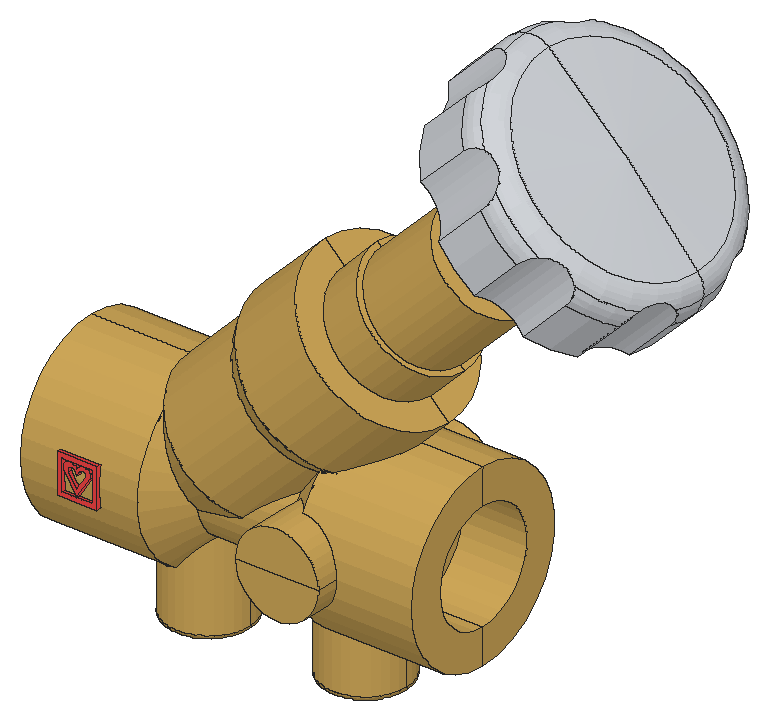
Revit family "Absperrventil 4125 AD", category Rohrzubehör, Revit 2019
Family settings
  Bemaßung runder Anschluss = Durchmesser verwenden
  Teiletyp = Unterbricht
  OmniClass-Nummer = 23.65.55.14
  OmniClass-Titel = Valves for Liquid Services
  Arbeitsebenenbasiert = Nein
  Immer vertikal = Ja
  Beim Laden mit Abzugskörper schneiden = Nein
  Gemeinsam genutzt = Nein
Parameters
  W01 = 45.00°  # constant formula
  URL = "www.herz-armaturen.at"
  Spindel = "Messing CW617N\r"  # constant formula
  SW01 = 60.00°  # constant formula
  SC_NennweiteBerechnet [instance] = 0
  SC_Dimension [instance] = ""
  SCRNSEQ = "ARM;ARM_TYP=\"ABSV\";2"
  SCRNCODE = "05;07;02"  # constant formula
  S03 = 60.000 mm  # constant formula
  S02 [instance] = L06 + L09 + L12 + L15  # 113.800 mm
  S01 [instance] = R01 * 2  # 41.000 mm
  R12 [instance] = R01 - 1.000 mm  # 19.500 mm
  R11 [instance] = size_lookup("4125AD_", "R11", 1.000 mm, Nennweite)  # 6.000 mm
  R100 = 1.000 mm  # constant formula
  R10 [instance] = size_lookup("4125AD_", "R10", 1.000 mm, Nennweite)  # 9.000 mm
  R09 [instance] = size_lookup("4125AD_", "R9", 1.000 mm, Nennweite)  # 12.750 mm
  R08 [instance] = size_lookup("4125AD_", "R8", 1.000 mm, Nennweite)  # 14.000 mm
  R07 [instance] = size_lookup("4125AD_", "R7", 1.000 mm, Nennweite)  # 20.000 mm
  R06 [instance] = size_lookup("4125AD_", "R6", 1.000 mm, Nennweite)  # 17.750 mm
  R05 [instance] = Nennweite / 2  # 12.500 mm
  R04 [instance] = size_lookup("4125AD_", "R4", 1.000 mm, Nennweite)  # 9.500 mm
  R03 = 9.500 mm  # constant formula
  R02 [instance] = Nennweite / 2  # 12.500 mm
  R01 [instance] = size_lookup("4125AD_", "R1", 1.000 mm, Nennweite)  # 20.500 mm
  Oberteil = "entzinkungsbeständiges Messing CW602N"  # constant formula
  Nennweite [instance] = 25.000 mm
  Medium = "Heizungswasser nach ÖNORM H5195 oder VDI- Richtlinie 2035.\r\nDie Verwendung von Ethylen- oder Propyleneglykol in einem Mischungsverhältnis 25- 50% ist zulässig.\r\nEPDM-Dichtungen können durch Mineralöle und Schmiermittel beeinflusst werden, was zum Versagen der EPDM-Dichtungen führen kann."
  Max.Differenzdruck bei geschlossenen Sitz = 1000000.0 Pa  # constant formula
  Max.Betriebstemperatur = 110 °C  # constant formula
  Max.Betriebsdruck = 2000000.0 Pa  # constant formula
  L16 [instance] = L01 / 2  # 13.500 mm
  L15 [instance] = size_lookup("4125AD_", "L15", 1.000 mm, Nennweite)  # 12.400 mm
  L14 [instance] = size_lookup("4125AD_", "L14", 1.000 mm, Nennweite)  # 12.000 mm
  L12 [instance] = size_lookup("4125AD_", "L12", 1.000 mm, Nennweite)  # 43.400 mm
  L11 [instance] = size_lookup("4125AD_", "L11", 1.000 mm, Nennweite)  # 22.400 mm
  L10 [instance] = size_lookup("4125AD_", "L10", 1.000 mm, Nennweite)  # 11.000 mm
  L09 [instance] = size_lookup("4125AD_", "L9", 1.000 mm, Nennweite)  # 19.500 mm
  L08 [instance] = size_lookup("4125AD_", "L8", 1.000 mm, Nennweite)  # 34.000 mm
  L07 [instance] = size_lookup("4125AD_", "L7", 1.000 mm, Nennweite)  # 18.000 mm
  L06 [instance] = size_lookup("4125AD_", "L6", 1.000 mm, Nennweite) - L09  # 38.500 mm
  L05 [instance] = size_lookup("4125AD_", "L5", 1.000 mm, Nennweite)  # 25.500 mm
  L04 [instance] = size_lookup("4125AD_", "L4", 1.000 mm, Nennweite)  # 25.500 mm
  L03 = 15.000 mm  # constant formula
  L02 [instance] = size_lookup("4125AD_", "L2", 1.000 mm, Nennweite)  # 11.000 mm
  L01 [instance] = size_lookup("4125AD_", "L1", 1.000 mm, Nennweite)  # 27.000 mm
  L00 [instance] = size_lookup("4125AD_", "L", 1.000 mm, Nennweite)  # 90.000 mm
  Kegel = "entzinkungsbeständiges Messing CW602N"  # constant formula
  Hersteller = "HERZ Armaturen Ges.m.b.H."  # constant formula
  Handrad = "Polyamide"  # constant formula
  H01 [instance] = size_lookup("4125AD_", "H1", 1.000 mm, Nennweite)  # 32.000 mm
  Gehäuse = "entzinkungsbeständiges Gussmessing CC752S"  # constant formula
  Dichtungen = "EPDM"  # constant formula
  DN80 [instance] = Nennweite = 80.000 mm  # no
  DN65 [instance] = Nennweite = 65.000 mm  # no
  DN50 [instance] = Nennweite = 50.000 mm  # no
  DN40 [instance] = Nennweite = 40.000 mm  # no
  DN32 [instance] = Nennweite = 32.000 mm  # no
  DN25-DN80 [instance] = or(Nennweite = 25.000 mm, Nennweite = 32.000 mm, Nennweite = 40.000 mm, Nennweite = 50.000 mm, Nennweite = 65.000 mm, Nennweite = 80.000 mm)  # yes
  DN25 [instance] = Nennweite = 25.000 mm  # yes
  DN20 [instance] = Nennweite = 20.000 mm  # no
  DN15 [instance] = Nennweite = 15.000 mm  # no
  DN [instance] = 0.000 mm
  Bestellnummer [instance] = size_lookup("4125AD_", "Artnr", 0, Nennweite)  # 1412573
  Ausführung = "STRÖMAX-D-Absperrventile in Schrägsitzform, gelbe Ausführung, Muffe x Muffe,\r\nmit langen Gewindemuffen, mit  2 Anbohrungen für Entleerungsarmaturen,\r\n1 Verschlussschraube 1 0273 0x ist aufgeschraubt, nichtsteigender Spindel,\r\nSpindelabdichtung durch elastischen Doppel-O-Ring.\r\nEntleerungsventile sind separat zu bestellen."
  Anwendungsgebiet = "Zuverlässiges Absperren von Leitungen in Heiz- und Kühlanalgen."
Reference planes
  plane 1 "Mitte (Vorne/hinten)": y = 0
  plane 2: z = 0
  plane 3 "Mitte (Links/rechts)": x = 0
Forms (mm)
  Revolve 1, solid, material "Messing, weicher Gelbton, geschweißt", detail levels fine
    sketch origin (470, 0, 0) x (1, 0, 0) y (0, 0, 1)
      loop
        line (-515, 12.5) -> (-500, 12.5) -> (-500, 0) -> (-440, 0) -> (-440, 12.5) -> (-425, 12.5) -> (-425, 20.5) -> (-452, 20.5) -> (-459, 12.5) -> (-481, 12.5) -> (-488, 20.5) -> (-515, 20.5) -> (-515, 12.5)
      axis (-515, 0) -> (-425, 0)
    angle from 0 to 360
  Revolve 2, solid, material "Messing, weicher Gelbton, geschweißt", detail levels fine
    sketch origin (470, 0, 0) x (1, 0, 0) y (0, 0, 1)
      loop
        line (-497.5, 0) -> (-497.5, -31)
        arc (-497.5, -31) -> (-497.207, -31.707) -> (-496.5, -32) r 1
        line (-496.5, -32) -> (-488, -32) -> (-488, 0) -> (-497.5, 0)
      axis (-488, 0) -> (-488, -32)
    angle from 0 to 360
  Revolve 3, solid, material "Messing, weicher Gelbton, geschweißt", detail levels fine
    sketch origin (0, 0, 0) x (1, 0, 0) y (0, 1, 0)
      loop
        line (18, -25.5) -> (27.5, -25.5) -> (27.5, 25.5) -> (18, 25.5) -> (18, -25.5)
      axis (18, -25.5) -> (18, 25.5)
    angle from 0 to 360
  Revolve 4, solid, material "Messing, weicher Gelbton, geschweißt", visible <- "DN25-DN80", detail levels fine
    sketch origin (-470, 0, 0) x (-1, 0, 0) y (0, 0, 1)
      loop
        line (-497.5, 0) -> (-497.5, -31)
        arc (-497.5, -31) -> (-497.207, -31.707) -> (-496.5, -32) r 1
        line (-496.5, -32) -> (-488, -32) -> (-488, 0) -> (-497.5, 0)
      axis (-488, 0) -> (-488, -32)
    angle from 0 to 360
  Revolve 5, solid, material "Messing, weicher Gelbton, geschweißt", detail levels fine
    sketch origin (0.32, 0, -0.105) x (1, 0, 0) y (0, 0, 1)
      loop
        line (-18.32, 0) -> (62.149, 80.469) -> (57.906, 84.711) -> (49.138, 75.943) -> (47.017, 78.065) -> (39.946, 70.994) -> (37.294, 73.645) -> (21.455, 57.806) -> (20.571, 58.69) -> (12.793, 50.912) -> (8.55, 55.154) -> (-5.239, 41.366) -> (-6.83, 36.593) -> (-22.386, 21.036) -> (-27.159, 8.839) -> (-18.32, 0)
      axis (-18.32, 0) -> (62.149, 80.469)
    angle from 0 to 360
Lines and regions (mm)
  model lines, detail levels coarse+medium
    curve 1: line (-45, 0, 20.5) -> (-45, 0, -20.5)
    curve 2: line (-45, 0, -20.5) -> (45, 0, 20.5)
    curve 3: line (45, 0, 20.5) -> (45, 0, -20.5)
    curve 4: line (45, 0, -20.5) -> (-45, 0, 20.5)
    curve 5: line (0, 0, 0) -> (56.9, 0, 98.554)
    curve 6: line (30.919, 0, 113.554) -> (82.881, 0, 83.554)
    curve 7: line (-45, -20.5, 0) -> (-45, 20.5, 0)
    curve 8: line (-45, 20.5, 0) -> (45, -20.5, 0)
    curve 9: line (45, -20.5, 0) -> (45, 20.5, 0)
    curve 10: line (45, 20.5, 0) -> (-45, -20.5, 0)
    curve 11: line (0, 0, 0) -> (56.9, 98.554, 0)
    curve 12: line (30.919, 113.554, 0) -> (82.881, 83.554, 0)
Dimensions and locks
  "H01": plane 2 to Revolve 2 sketch curve
  "L00": Revolve 1 sketch curve to Revolve 1 sketch curve
  equal spacing: Revolve 1 sketch curve, plane 3 "Mitte (Links/rechts)", Revolve 1 sketch curve
  "R01": Revolve 1 sketch curve to Revolve 1 sketch curve  (x2)
  "R02": Revolve 1 sketch curve to Revolve 1 sketch curve  (x3)
  "L01": Revolve 1 sketch curve to Revolve 1 sketch curve  (x2)
  "L02": plane 3 "Mitte (Links/rechts)" to Revolve 1 sketch curve
  "L02": Revolve 1 sketch curve to plane 3 "Mitte (Links/rechts)"
  "L03": Revolve 1 sketch curve to Revolve 1 sketch curve  (x2)
  "L01": Revolve 1 to Revolve 2 sketch curve
  "R03": Revolve 2 sketch curve to Revolve 2 sketch curve
  "L01": Revolve 4 sketch curve to Revolve 1
  "R03": Revolve 4 sketch curve to Revolve 4 sketch curve
  "H01": plane 2 to Revolve 4 sketch curve
  "L04": Revolve 3 sketch curve to plane 1 "Mitte (Vorne/hinten)"
  "L05": plane 1 "Mitte (Vorne/hinten)" to Revolve 3 sketch curve
  "R04": Revolve 3 sketch curve to Revolve 3 sketch curve
  "L01": Revolve 3 sketch curve to Revolve 1
  "R07": Revolve 5 sketch curve to Revolve 5 sketch curve
  "L07": plane 3 "Mitte (Links/rechts)" to Revolve 5 sketch curve
  "R05": Revolve 5 sketch curve to Revolve 5 sketch curve
  "L06": Revolve 5 sketch curve to Revolve 5 sketch curve
  "L08": Revolve 5 sketch curve to Revolve 5 sketch curve
  "R06": Revolve 5 sketch curve to Revolve 5 sketch curve
  "L14": Revolve 5 sketch curve to Revolve 5 sketch curve
  "L09": Revolve 5 sketch curve to Revolve 5 sketch curve
  "R08": Revolve 5 sketch curve to Revolve 5 sketch curve
  "L10": Revolve 5 sketch curve to Revolve 5 sketch curve
  "R09": Revolve 5 sketch curve to Revolve 5 sketch curve
  "R10": Revolve 5 sketch curve to Revolve 5 sketch curve
  "L12": Revolve 5 sketch curve to Revolve 5 sketch curve
  "R11": Revolve 5 sketch curve to Revolve 5 sketch curve
  "L15": Revolve 5 sketch curve to Revolve 5 sketch curve
  "L11": Revolve 5 sketch curve to Revolve 5 sketch curve
  "R12": nested 9 to plane 1 "Mitte (Vorne/hinten)"
  "L16": Revolve 1 to nested 9
  equal spacing: curve 1, plane 3 "Mitte (Links/rechts)", curve 3
  "L00": curve 1 to curve 3
  equal spacing: curve 4, plane 2, curve 2
  "S01": curve 4 to curve 1
  "S01": curve 3 to curve 4
  equal spacing: curve 3, plane 2, curve 4
  "S02": curve 5 to curve 5
  equal spacing: curve 6, curve 5, curve 6
  "S03": curve 6 to curve 6
  equal spacing: curve 7, plane 3 "Mitte (Links/rechts)", curve 9
  "L00": curve 7 to curve 9
  equal spacing: curve 10, plane 1 "Mitte (Vorne/hinten)", curve 8
  "S01": curve 8 to curve 10
  equal spacing: curve 9, plane 1 "Mitte (Vorne/hinten)", curve 10
  "S01": curve 10 to curve 9
  "S02": curve 11 to curve 11
  equal spacing: curve 12, curve 11, curve 12
  "S03": curve 12 to curve 12
  "R100": radius of Revolve 2 sketch curve
  "R100": radius of Revolve 4 sketch curve
  "W01": angle plane 2 to Revolve 5 sketch curve
  "W01": angle level to Revolve 5 sketch curve
  "SW01": angle plane 2 to curve 5
  "SW01": angle plane 1 "Mitte (Vorne/hinten)" to curve 11
  aligned and locked: level to plane 2
Automatic sketch dimensions
  curve 5 to level = 0.000 mm
  plane 1 "Mitte (Vorne/hinten)" to curve 11 = 0.000 mm
  Revolve 1 sketch curve to level = 0.000 mm  (x2)
  Revolve 1 sketch curve to Revolve 1 sketch curve = 791.990 mm
  Revolve 1 sketch curve to Revolve 1 sketch curve = 2278.983 mm
  Revolve 2 sketch curve to level = 0.000 mm  (x2)
  Revolve 2 sketch curve to Revolve 2 sketch curve = 0.000 mm
  Revolve 2 sketch curve to Revolve 2 sketch curve = 0.292 mm
  Revolve 3 sketch curve to Revolve 3 sketch curve = 0.000 mm  (x3)
  Revolve 4 sketch curve to level = 0.000 mm  (x2)
  Revolve 4 sketch curve to Revolve 4 sketch curve = 0.000 mm
  Revolve 4 sketch curve to Revolve 4 sketch curve = 0.292 mm
  Revolve 5 sketch curve to level = 0.105 mm
  Revolve 5 sketch curve to Revolve 5 sketch curve = 0.000 mm  (x2)
Nested families
  nested 1: "Strömax-Handrad_Schrägsitz" at (42.584, 0, 54.979), visible <- "DN15", type "Strömax-Handrad_Schrägsitz", detail levels fine
    with Nennweite 0.000 mm, Gewicht 0.00 kg, Bestellnummer 0
  nested 2: "Strömax-Handrad_Schrägsitz" at (54.312, 0, 67.707), visible <- "DN20", type "Strömax-Handrad_Schrägsitz", detail levels fine
    with Nennweite 0.000 mm, Gewicht 0.00 kg, Bestellnummer 0
  nested 3: "Strömax-Handrad_Schrägsitz" at (62.469, 0, 80.364), visible <- "DN25", type "Strömax-Handrad_Schrägsitz", detail levels fine
    with Nennweite 0.000 mm, Gewicht 0.00 kg, Bestellnummer 0
  nested 4: "Strömax-Handrad_Schrägsitz" at (71.712, 0, 91.607), visible <- "DN32", type "Strömax-Handrad_Schrägsitz", detail levels fine
    with Nennweite 0.000 mm, Gewicht 0.00 kg, Bestellnummer 0
  nested 5: "Strömax-Handrad_Schrägsitz" at (80.399, 0, 101.294), visible <- "DN40", type "Strömax-Handrad_Schrägsitz", detail levels fine
    with Nennweite 0.000 mm, Gewicht 0.00 kg, Bestellnummer 0
  nested 6: "Strömax-Handrad_Schrägsitz" at (97.83, 0, 129.225), visible <- "DN50", type "Strömax-Handrad_Schrägsitz", detail levels fine
    with Nennweite 0.000 mm, Gewicht 0.00 kg, Bestellnummer 0
  nested 7: "Strömax-Handrad_Schrägsitz" at (114.482, 0, 149.378), visible <- "DN65", type "Strömax-Handrad_Schrägsitz", detail levels fine
    with Nennweite 0.000 mm, Gewicht 0.00 kg, Bestellnummer 0
  nested 8: "Strömax-Handrad_Schrägsitz" at (140.423, 0, 183.319), visible <- "DN80", type "Strömax-Handrad_Schrägsitz", detail levels fine
    with Nennweite 0.000 mm, Gewicht 0.00 kg, Bestellnummer 0
  nested 9: "Herz-Logo-vorne" at (-31.5, -20.232, 0) x (0, 1, 0) z (0, 0, 1), type "Herz-Logo-vorne", detail levels fine
Connectors
  piping at (-30, 0, 0), diameter 25, driven by "Nennweite"
    settings: on Revolve 1, index 1, connector inside diameter 609.6 mm, connector length 0.000 mm, flow factor 0, pipe flow 0.0 L/s, pressure drop 0.0 Pa, fitting loss kfactor 0, connector angle 0.00°, fixture units 0, engagement length 0.000 mm, angle of deflection 0.00°, flow configuration 0, flow direction 1, fitting loss method 0, system type 29, joint type 0, gender type 0, connector reference index -1, connector utility 0, adjustable connector no, is connector primary yes, connector description ""
  piping at (30, 0, 0), diameter 25, driven by "Nennweite"
    settings: on Revolve 1, index 2, connector inside diameter 609.6 mm, connector length 0.000 mm, flow factor 0, pipe flow 0.0 L/s, pressure drop 0.0 Pa, fitting loss kfactor 0, connector angle 0.00°, fixture units 0, engagement length 0.000 mm, angle of deflection 0.00°, flow configuration 0, flow direction 2, fitting loss method 0, system type 29, joint type 0, gender type 0, connector reference index -1, connector utility 0, adjustable connector no, is connector primary no, connector description ""
Definition of nested family "Strömax-Handrad_Schrägsitz"
  Parameters (values of type "Strömax-Handrad_Schrägsitz")
    URL = "www.herz-armaturen.at"
    Nennweite [instance] = 0.000 mm
    Manufacturer = "Herz Armaturen GmbH"  # constant formula
    Gewicht [instance] = 0.00 kg
    Bestellnummer [instance] = 0
  Reference planes
    plane 1 "Mitte (Vorne/hinten)": y = 0
    plane 2: z = 0
    plane 3 "Mitte (Links/rechts)": x = 0
  Forms (mm)
    Revolve 1, solid
      sketch origin (0, 0, 0) x (0.707107, 0, -0.707107) y (0.707107, 0, 0.707107)
        loop
          line (0, 0) -> (0, 22)
          arc (0, 22) -> (-12.15, 21.705) -> (-24.271, 20.819) r 250
          arc (-24.271, 20.819) -> (-26.831, 19.959) -> (-28.754, 18.063) r 6
          arc (-28.754, 18.063) -> (-29.682, 16.008) -> (-30, 13.776) r 8
          line (-30, 13.776) -> (-30, 0) -> (0, 0)
        axis (0, 22) -> (0, 0)
      angle from 0 to 360
    Extrusion 2, void
      sketch origin (0, 0, 0) x (0.707107, 0, -0.707107) y (0, 1, 0)
        loop
          circle (14.351, -34.645) r 10
      from 0 to 22
    Extrusion 3, void
      sketch origin (0, 0, 0) x (-0.707107, 0, 0.707107) y (0, -1, 0)
        loop
          circle (14.351, 34.645) r 10
      from 0 to 22
    Extrusion 4, void
      sketch origin (0, 0, 0) x (0, -1, 0) y (0.707107, 0, -0.707107)
        loop
          circle (14.351, 34.645) r 10
      from 0 to 22
    Extrusion 5, void
      sketch origin (0, 0, 0) x (0, 1, 0) y (-0.707107, 0, 0.707107)
        loop
          circle (14.351, -34.645) r 10
      from 0 to 22
    Extrusion 6, void
      sketch origin (0, 0, 0) x (0, -1, 0) y (0.707107, 0, -0.707107)
        loop
          circle (14.351, -34.645) r 10
      from 0 to 22
    Extrusion 7, void
      sketch origin (0, 0, 0) x (0, 1, 0) y (-0.707107, 0, 0.707107)
        loop
          circle (14.351, 34.645) r 10
      from 0 to 22
    Extrusion 8, void
      sketch origin (0, 0, 0) x (0.707107, 0, -0.707107) y (0, 1, 0)
        loop
          circle (14.351, 34.645) r 10
      from 0 to 22
    Extrusion 9, void
      sketch origin (0, 0, 0) x (-0.707107, 0, 0.707107) y (0, -1, 0)
        loop
          circle (14.351, -34.645) r 10
      from 0 to 22
  Cuts and joins
    Extrusion 2, Extrusion 3, Extrusion 4, Extrusion 5, Extrusion 6, Extrusion 7, Extrusion 8, Extrusion 9 cuts Revolve 1
  Dimensions and locks
    aligned and locked: level to plane 2
Definition of nested family "Herz-Logo-vorne"
  Reference planes
    plane 1 "Mitte (Vorne/hinten)": y = 0
    plane 2: z = 0
    plane 3 "Mitte (Links/rechts)": x = 0
  Forms (mm)
    Extrusion 1, solid
      sketch origin (0.732, -0.018, 0.017) x (0, -1, 0) y (0, 0, 1)
        loop
          line (-0.018, -4.517) -> (4.482, -4.517) -> (4.482, 4.483) -> (-4.518, 4.483) -> (-4.518, -4.517) -> (-0.018, -4.517)
        loop
          line (-0.05, -3.48) -> (3.482, -3.48) -> (3.482, 3.483) -> (-3.518, 3.483) -> (-3.518, -3.48) -> (-0.05, -3.48)
        loop
          arc (-0.018, 2.383) -> (-1.543, 3.287) -> (-3.067, 2.383) r 1.738
          arc (-3.067, 2.383) -> (-3.191, 1.899) -> (-3.067, 1.415) r 1.009
          line (-3.067, 1.415) -> (-0.018, -3.281) -> (3.032, 1.415)
          arc (3.032, 1.415) -> (3.156, 1.899) -> (3.032, 2.383) r 1.009
          arc (3.032, 2.383) -> (1.507, 3.287) -> (-0.018, 2.383) r 1.738
        loop
          arc (1.885, 1.272) -> (2.005, 1.675) -> (1.885, 2.079) r 0.74
          arc (1.885, 2.079) -> (1.265, 2.416) -> (0.644, 2.079) r 0.74
          line (0.644, 2.079) -> (-0.018, 0.97) -> (-0.679, 2.079)
          arc (-0.679, 2.079) -> (-1.3, 2.416) -> (-1.921, 2.079) r 0.74
          arc (-1.921, 2.079) -> (-2.04, 1.675) -> (-1.921, 1.272) r 0.74
          line (-1.921, 1.272) -> (-0.018, -1.658) -> (1.885, 1.272)
      from 0 to 1.5
  Dimensions and locks
    aligned and locked: level to plane 2
